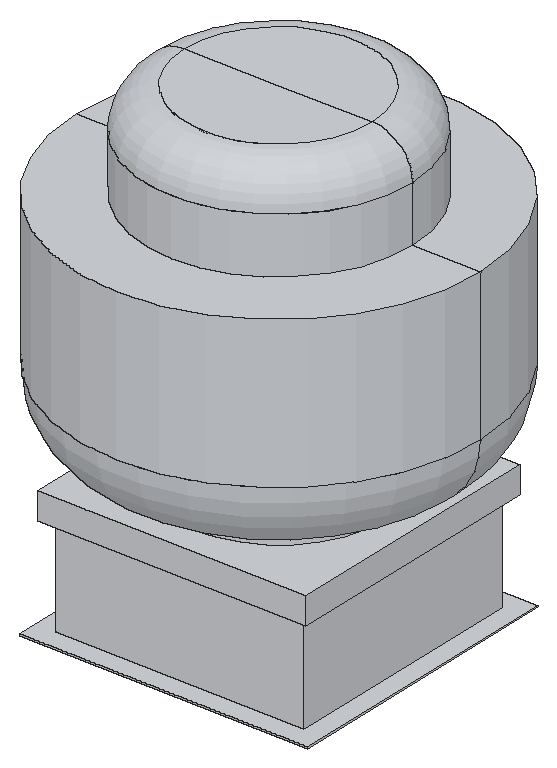
Revit family "ACRU-B", category Mechanical Equipment, Revit 2019
Family settings
  Round Connector Dimension = Use Diameter
  Part Type = Normal
  Work Plane-Based = No
  Always vertical = Yes
  Cut with Voids When Loaded = No
  Shared = No
  Room Calculation Point = No
Parameters (values of type "120_ACRU-B")
  ZERO = 0' - 0"  # constant formula
  WB_RADIUS = 0' - 6"
  Voltage [instance] = 0 V
  Unit Weight [instance] = ""
  URL = "www.lorencook.com"
  Type Comments = "Upblast Centrifugal Exhaust Ventilator Roof Mounted/Belt Drive"  # constant formula
  T_SQ_HALF = T_SQ / 2  # 0' - 10"
  T_SQ = 1' - 8"
  Static Pressure [instance] = 0.00 in-wg
  Sones [instance] = ""
  ROOF_OPENING = T_SQ - 0' 4 1/2"  # 1' - 3 1/2"
  RO/2 = ROOF_OPENING / 2  # 0' - 7 3/4"
  Power [instance] = Voltage * Motor FLA * sqrt(if(Phase = 3, 3, 1))  # 0 VA
  Phase [instance] = 0
  Number of Poles [instance] = 1
  Motor RPM [instance] = ""
  Motor Hp [instance] = ""
  Motor FLA [instance] = 0 A
  Motor Enclosure [instance] = ""
  ModelID [instance] = ""
  Model = "ACRUB"
  Manufacturer = "Loren Cook Company"
  LwA [instance] = ""
  HALF_B_SUB = B_SUB / 2  # 1' - 3 3/32"
  Fan RPM [instance] = ""
  EIGHTH_T_SQ = T_SQ / 10  # 0' - 2"
  EDGE_TO_CURB = (T_SQ - ROOF_OPENING) / 2  # 0' - 2 1/4"
  DEPTH = 0' - 2"
  C_SUB = 2' - 4 1/4"
  CURB_HEIGHT [instance] = 0' - 9 1/2"
  CURB [instance] = yes
  CFM [instance] = 0 CFM
  Brake Hp [instance] = ""
  B_SUB = 2' - 6 3/16"
  INLET_HEIGHT = 0' - 1 13/16"
  Accessories [instance] = ""
  A_SUB = 1' - 7 1/16"
  APLUSG = INLET_HEIGHT + DEPTH  # 0' - 3 13/16"
  2" = 0' - 2"  # constant formula
  1.5" = 0' - 1 1/2"  # constant formula
  ONE EIGTH = 0' - 0 1/8"  # constant formula
Types (39): name | WB_RADIUS | T_SQ_HALF | T_SQ | ROOF_OPENING | RO/2 | Motor Hp | Model | Manufacturer | HALF_B_SUB | EIGHTH_T_SQ | DEPTH | C_SUB | B_SUB | INLET_HEIGHT | A_SUB | APLUSG
  (no name) | 0' - 6" | 0' - 10" | 1' - 8" | 1' - 3 1/2" | 0' - 7 3/4" | "" | "ACRUB" | "Loren Cook Company" | 1' - 3 3/32" | 0' - 2" | 0' - 2" | 2' - 4 1/4" | 2' - 6 3/16" | 0' - 1 13/16" | 1' - 7 1/16" | 0' - 3 13/16"
  100_ACRU-B | 0' - 4" | 0' - 9" | 1' - 6" | 1' - 1 1/2" | 0' - 6 3/4" | "0" | "ACRUB" | "Loren Cook Company" | 1' - 0 5/8" | 0' - 1.8" | 0' - 2" | 1' - 8 3/16" | 2' - 1 1/4" | 0' - 2 7/8" | 1' - 0 1/2" | 0' - 4 7/8"
  120_ACRU-B | 0' - 6" | 0' - 10" | 1' - 8" | 1' - 3 1/2" | 0' - 7 3/4" | "" | "ACRUB" | "Loren Cook Company" | 1' - 3 3/32" | 0' - 2" | 0' - 2" | 2' - 4 1/4" | 2' - 6 3/16" | 0' - 1 13/16" | 1' - 7 1/16" | 0' - 3 13/16"
  135_ACRU-B | 0' - 6" | 0' - 10" | 1' - 8" | 1' - 3 1/2" | 0' - 7 3/4" | "" | "ACRUB" | "Loren Cook Company" | 1' - 3 3/32" | 0' - 2" | 0' - 2" | 2' - 4 5/8" | 2' - 6 3/16" | 0' - 2 3/16" | 1' - 7 1/16" | 0' - 4 3/16"
  150_ACRU-B | 0' - 6" | 1' - 0" | 2' - 0" | 1' - 7 1/2" | 0' - 9 3/4" | "" | "ACRUB" | "Loren Cook Company" | 1' - 5 11/32" | 0' - 2.4" | 0' - 2" | 2' - 6 1/4" | 2' - 10 11/16" | 0' - 3 1/16" | 1' - 8 15/16" | 0' - 5 1/16"
  165_ACRU-B | 0' - 6" | 1' - 0" | 2' - 0" | 1' - 7 1/2" | 0' - 9 3/4" | "" | "ACRUB" | "Loren Cook Company" | 1' - 5 11/32" | 0' - 2.4" | 0' - 2" | 2' - 6 3/4" | 2' - 10 11/16" | 0' - 3 9/16" | 1' - 8 15/16" | 0' - 5 9/16"
  180_ACRU-B | 0' - 6" | 1' - 3" | 2' - 6" | 2' - 1 1/2" | 1' - 0 3/4" | "" | "ACRUB\r\nACRUB" | "Loren Cook Company" | 1' - 7 23/32" | 0' - 3" | 0' - 3" | 2' - 11 7/8" | 3' - 3 7/16" | 0' - 3 15/16" | 2' - 0 13/16" | 0' - 6 15/16"
  195_ACRU-B | 0' - 7" | 1' - 3" | 2' - 6" | 2' - 1 1/2" | 1' - 0 3/4" | "" | "ACRUB" | "Loren Cook Company" | 1' - 7 23/32" | 0' - 3" | 0' - 3" | 3' - 0 3/8" | 3' - 3 7/16" | 0' - 4 7/16" | 2' - 0 13/16" | 0' - 7 7/16"
  210_ACRU-B | 0' - 8" | 1' - 3" | 2' - 6" | 2' - 1 1/2" | 1' - 0 3/4" | "" | "ACRUB" | "Loren Cook Company" | 1' - 10 5/8" | 0' - 3" | 0' - 3" | 3' - 2 3/8" | 3' - 9 1/4" | 0' - 4 3/4" | 2' - 1 15/16" | 0' - 7 3/4"
  225_ACRU-B | 0' - 9" | 1' - 3" | 2' - 6" | 2' - 1 1/2" | 1' - 0 3/4" | "" | "ACRUB" | "Loren Cook Company\r\nLoren Cook Company" | 1' - 10 5/8" | 0' - 3" | 0' - 3" | 3' - 2 1/8" | 3' - 9 1/4" | 0' - 4 7/8" | 2' - 1 15/16" | 0' - 7 7/8"
  245_ACRU-B | 0' - 9" | 1' - 3" | 2' - 6" | 2' - 1 1/2" | 1' - 0 3/4" | "" | "ACRUB" | "Loren Cook Company" | 2' - 0 5/8" | 0' - 3" | 0' - 3" | 3' - 5 1/16" | 4' - 1 1/4" | 0' - 6 1/8" | 2' - 4 1/2" | 0' - 9 1/8"
  270_ACRU-B | 0' - 9" | 1' - 6" | 3' - 0" | 2' - 7 1/2" | 1' - 3 3/4" | "" | "ACRUB" | "Loren Cook Company" | 2' - 0 5/8" | 0' - 3.6" | 0' - 3" | 3' - 5 1/16" | 4' - 1 1/4" | 0' - 6 1/8" | 2' - 4 1/2" | 0' - 9 1/8"
  300_ACRU-B | 0' - 10" | 1' - 6" | 3' - 0" | 2' - 7 1/2" | 1' - 3 3/4" | "" | "ACRUB" | "Loren Cook Company" | 2' - 3 1/8" | 0' - 3.6" | 0' - 3" | 4' - 1 15/16" | 4' - 6 1/4" | 0' - 7 1/16" | 2' - 9 7/8" | 0' - 10 1/16"
  330_ACRU-B | 0' - 10" | 1' - 9" | 3' - 6" | 3' - 1 1/2" | 1' - 6 3/4" | "" | "ACRUB" | "Loren Cook Company" | 2' - 3 1/8" | 0' - 4.2" | 0' - 3" | 4' - 2 7/16" | 4' - 6 1/4" | 0' - 7 5/16" | 2' - 10 1/8" | 0' - 10 5/16"
  365_ACRU-B | 1' - 0" | 1' - 9" | 3' - 6" | 3' - 1 1/2" | 1' - 6 3/4" | "" | "ACRUB" | "Loren Cook Company" | 2' - 8 1/8" | 0' - 4.2" | 0' - 3" | 4' - 4 7/16" | 5' - 4 1/4" | 0' - 8 1/16" | 3' - 0 3/8" | 0' - 11 1/16"
  402_ACRU-B | 1' - 0" | 2' - 0" | 4' - 0" | 3' - 7 1/2" | 1' - 9 3/4" | "" | "ACRUB" | "Loren Cook Company" | 2' - 8 1/8" | 0' - 4.8" | 0' - 3" | 4' - 6 11/16" | 5' - 4 1/4" | 0' - 10 1/16" | 3' - 1 7/8" | 1' - 1 1/16"
  445_ACRU-B | 1' - 0" | 2' - 3" | 4' - 6" | 4' - 1 1/2" | 2' - 0 3/4" | "" | "ACRUB" | "Loren Cook Company" | 3' - 2 1/8" | 0' - 5.4" | 0' - 3" | 4' - 9 3/16" | 6' - 4 1/4" | 0' - 9 3/4" | 3' - 6 7/8" | 1' - 0 3/4"
  490_ACRU-B | 1' - 0" | 2' - 3" | 4' - 6" | 4' - 1 1/2" | 2' - 0 3/4" | "" | "ACRUB" | "Loren Cook Company" | 3' - 2 1/8" | 0' - 5.4" | 0' - 3" | 4' - 10 1/16" | 6' - 4 1/4" | 0' - 11 1/2" | 3' - 8 5/8" | 1' - 2 1/2"
  150_ACRU-HP | 0' - 6" | 1' - 0" | 2' - 0" | 1' - 7 1/2" | 0' - 9 3/4" | "" | "ACRU-HP" | "Loren Cook Company" | 1' - 5 11/32" | 0' - 2.4" | 0' - 2" | 2' - 3 1/2" | 2' - 10 11/16" | 0' - 3 1/16" | 1' - 8 15/16" | 0' - 5 1/16"
  165_ACRU-HP | 0' - 6" | 1' - 0" | 2' - 0" | 1' - 7 1/2" | 0' - 9 3/4" | "" | "ACRU-HP" | "Loren Cook Company" | 1' - 5 11/32" | 0' - 2.4" | 0' - 2" | 2' - 3 3/4" | 2' - 10 11/16" | 0' - 3 9/16" | 1' - 8 15/16" | 0' - 5 9/16"
  180_ACRU-HP | 0' - 6" | 1' - 3" | 2' - 6" | 2' - 1 1/2" | 1' - 0 3/4" | "" | "ACRU-HP" | "Loren Cook Company" | 1' - 7 23/32" | 0' - 3" | 0' - 3" | 2' - 9 3/8" | 3' - 3 7/16" | 0' - 3 15/16" | 2' - 0 13/16" | 0' - 6 15/16"
  195_ACRU-HP | 0' - 7" | 1' - 3" | 2' - 6" | 2' - 1 1/2" | 1' - 0 3/4" | "" | "ACRU-HP" | "Loren Cook Company" | 1' - 7 23/32" | 0' - 3" | 0' - 3" | 2' - 9 1/2" | 3' - 3 7/16" | 0' - 4 7/16" | 2' - 0 13/16" | 0' - 7 7/16"
  210_ACRU-HP | 0' - 8" | 1' - 3" | 2' - 6" | 2' - 1 1/2" | 1' - 0 3/4" | "" | "ACRU-HP" | "Loren Cook Company" | 1' - 10 5/8" | 0' - 3" | 0' - 3" | 2' - 11 3/8" | 3' - 9 1/4" | 0' - 4 3/4" | 2' - 1 15/16" | 0' - 7 3/4"
  225_ACRU-HP | 0' - 9" | 1' - 3" | 2' - 6" | 2' - 1 1/2" | 1' - 0 3/4" | "" | "ACRU-HP" | "Loren Cook Company\r\nLoren Cook Company" | 1' - 10 5/8" | 0' - 3" | 0' - 3" | 2' - 11 1/2" | 3' - 9 1/4" | 0' - 4 7/8" | 2' - 1 15/16" | 0' - 7 7/8"
  245_ACRU-HP | 0' - 9" | 1' - 3" | 2' - 6" | 2' - 1 1/2" | 1' - 0 3/4" | "" | "ACRU-HP" | "Loren Cook Company" | 2' - 0 5/8" | 0' - 3" | 0' - 3" | 3' - 1 5/16" | 4' - 1 1/4" | 0' - 6 1/8" | 2' - 4 1/2" | 0' - 9 1/8"
  270_ACRU-HP | 0' - 9" | 1' - 6" | 3' - 0" | 2' - 7 1/2" | 1' - 3 3/4" | "" | "ACRU-HP" | "Loren Cook Company" | 2' - 0 5/8" | 0' - 3.6" | 0' - 3" | 37' - 3 3/4" | 4' - 1 1/4" | 0' - 6 1/8" | 2' - 4 1/2" | 0' - 9 1/8"
  300_ACRU-HP | 0' - 10" | 1' - 6" | 3' - 0" | 2' - 7 1/2" | 1' - 3 3/4" | "" | "ACRU-HP" | "Loren Cook Company" | 2' - 3 1/8" | 0' - 3.6" | 0' - 3" | 3' - 9 15/16" | 4' - 6 1/4" | 0' - 7 1/16" | 2' - 9 7/8" | 0' - 10 1/16"
  330_ACRU-HP | 0' - 10" | 1' - 9" | 3' - 6" | 3' - 1 1/2" | 1' - 6 3/4" | "" | "ACRU-HP" | "Loren Cook Company" | 2' - 3 1/8" | 0' - 4.2" | 0' - 3" | 3' - 10 11/16" | 4' - 6 1/4" | 0' - 7 5/16" | 2' - 10 1/8" | 0' - 10 5/16"
  365_ACRU-HP | 1' - 0" | 1' - 9" | 3' - 6" | 3' - 1 1/2" | 1' - 6 3/4" | "" | "ACRU-HP" | "Loren Cook Company" | 2' - 8 1/8" | 0' - 4.2" | 0' - 3" | 4' - 0 7/16" | 5' - 4 1/4" | 0' - 8 1/16" | 3' - 0 3/8" | 0' - 11 1/16"
  165_ACRU-XP | 0' - 6" | 1' - 0" | 2' - 0" | 1' - 7 1/2" | 0' - 9 3/4" | "" | "ACRU-XP" | "Loren Cook Company" | 1' - 5 11/32" | 0' - 2.4" | 0' - 2" | 2' - 2 11/16" | 2' - 10 11/16" | 0' - 3 9/16" | 1' - 8 15/16" | 0' - 5 9/16"
  180_ACRU-XP | 0' - 6" | 1' - 3" | 2' - 6" | 2' - 1 1/2" | 1' - 0 3/4" | "" | "ACRU-XP" | "Loren Cook Company" | 1' - 7 23/32" | 0' - 3" | 0' - 3" | 2' - 7 9/16" | 3' - 3 7/16" | 0' - 3 15/16" | 2' - 0 13/16" | 0' - 6 15/16"
  195_ACRU-XP | 0' - 7" | 1' - 3" | 2' - 6" | 2' - 1 1/2" | 1' - 0 3/4" | "" | "ACRU-XP" | "Loren Cook Company" | 1' - 7 23/32" | 0' - 3" | 0' - 3" | 2' - 8 1/8" | 3' - 3 7/16" | 0' - 4 7/16" | 2' - 0 13/16" | 0' - 7 7/16"
  210_ACRU-XP | 0' - 8" | 1' - 3" | 2' - 6" | 2' - 1 1/2" | 1' - 0 3/4" | "" | "ACRU-XP" | "Loren Cook Company" | 1' - 10 5/8" | 0' - 3" | 0' - 3" | 2' - 8 3/4" | 3' - 9 1/4" | 0' - 4 3/4" | 2' - 1 15/16" | 0' - 7 3/4"
  225_ACRU-XP | 0' - 9" | 1' - 3" | 2' - 6" | 2' - 1 1/2" | 1' - 0 3/4" | "" | "ACRU-XP" | "Loren Cook Company\r\nLoren Cook Company" | 1' - 10 5/8" | 0' - 3" | 0' - 3" | 2' - 9 5/16" | 3' - 9 1/4" | 0' - 4 7/8" | 2' - 1 15/16" | 0' - 7 7/8"
  245_ACRU-XP | 0' - 9" | 1' - 3" | 2' - 6" | 2' - 1 1/2" | 1' - 0 3/4" | "" | "ACRU-XP" | "Loren Cook Company" | 2' - 0 5/8" | 0' - 3" | 0' - 3" | 34' - 0 3/4" | 4' - 1 1/4" | 0' - 6 1/8" | 2' - 4 1/2" | 0' - 9 1/8"
  270_ACRU-XP | 0' - 9" | 1' - 6" | 3' - 0" | 2' - 7 1/2" | 1' - 3 3/4" | "" | "ACRU-XP" | "Loren Cook Company" | 2' - 0 5/8" | 0' - 3.6" | 0' - 3" | 35' - 0" | 4' - 1 1/4" | 0' - 6 1/8" | 2' - 4 1/2" | 0' - 9 1/8"
  300_ACRU-XP | 0' - 10" | 1' - 6" | 3' - 0" | 2' - 7 1/2" | 1' - 3 3/4" | "" | "ACRU-XP" | "Loren Cook Company" | 2' - 3 1/8" | 0' - 3.6" | 0' - 3" | 3' - 5 7/16" | 4' - 6 1/4" | 0' - 7 1/16" | 2' - 9 7/8" | 0' - 10 1/16"
  330_ACRU-XP | 0' - 10" | 1' - 9" | 3' - 6" | 3' - 1 1/2" | 1' - 6 3/4" | "" | "ACRU-XP" | "Loren Cook Company" | 2' - 3 1/8" | 0' - 4.2" | 0' - 3" | 3' - 7 1/8" | 4' - 6 1/4" | 0' - 7 5/16" | 2' - 10 1/8" | 0' - 10 5/16"
  365_ACRU-XP | 1' - 0" | 1' - 9" | 3' - 6" | 3' - 1 1/2" | 1' - 6 3/4" | "" | "ACRU-XP" | "Loren Cook Company" | 2' - 8 1/8" | 0' - 4.2" | 0' - 3" | 3' - 8 1/4" | 5' - 4 1/4" | 0' - 8 1/16" | 3' - 0 3/8" | 0' - 11 1/16"
Reference planes (in)
  plane 1 "Center (Front/Back)": y = 0
  plane 2: z = 0
  plane 3 "Center (Left/Right)": x = 0
Forms (in)
  Extrusion 1, solid
    sketch origin (0, 0, 0) x (1, 0, 0) y (0, 1, 0)
      loop
        line (-10, 10) -> (-10, -10) -> (10, -10) -> (10, 10) -> (-10, 10)
    from 0 to 2
  Revolve 2, solid
    sketch origin (0, 0, 0) x (1, 0, 0) y (0, 0, 1)
      loop
        line (0, 2) -> (8, 2) -> (8, 3.8125) -> (0, 3.8125) -> (0, 2)
      axis (0, 3.8125) -> (0, 2)
    angle from 0 to 360
  Revolve 3, solid
    sketch origin (0, 0, 0) x (1, 0, 0) y (0, 0, 1)
      loop
        line (0, 3.8125) -> (9.09375, 3.8125)
        arc (9.09375, 3.8125) -> (13.33639, 5.56986) -> (15.09375, 9.8125) r 6
        line (15.09375, 9.8125) -> (15.09375, 21.0625) -> (0, 21.0625) -> (0, 3.8125)
      axis (0, 3.8125) -> (0, 21.0625)
    angle from 0 to 360
  Revolve 4, solid
    sketch origin (0, 0, 0) x (1, 0, 0) y (0, 0, 1)
      loop
        line (0, 21.0625) -> (10, 21.0625) -> (10, 25.25)
        arc (10, 25.25) -> (9.12132, 27.37132) -> (7, 28.25) r 3
        line (7, 28.25) -> (0, 28.25) -> (0, 21.0625)
      axis (0, 21.0625) -> (0, 28.25)
    angle from 0 to 360
  Extrusion 5, solid
    sketch origin (0, 0, 0) x (1, 0, 0) y (0, 1, 0)
      loop
        line (-7.75, -7.75) -> (-5.75, -7.75) -> (-5.75, -5.75) -> (-7.75, -5.75) -> (-7.75, -7.75)
    from 3 to 5
  Extrusion 6, void
    sketch origin (0, 0, 0) x (1, 0, 0) y (0, 1, 0)
      loop
        line (-9.875, -9.875) -> (9.875, -9.875) -> (9.875, 9.875) -> (-9.875, 9.875) -> (-9.875, -9.875)
    from 0 to 1.875
  Extrusion 7, solid, visible <- "CURB"
    sketch origin (0, 0, 1.875) x (0, 1, 0) y (1, 0, 0)
      loop
        line (7.75, -7.75) -> (7.75, 7.75) -> (-7.75, 7.75) -> (-7.75, -7.75) -> (7.75, -7.75)
      loop
        line (9.25, -9.25) -> (9.25, 9.25) -> (-9.25, 9.25) -> (-9.25, -9.25) -> (9.25, -9.25)
    from 0 to 9.5 <- "CURB_HEIGHT"
  Extrusion 8, solid, visible <- "CURB"
    sketch origin (0, 0, -7.625) x (-1, 0, 0) y (0, 1, 0)
      loop
        line (-10.75, -10.75) -> (10.75, -10.75) -> (10.75, 10.75) -> (-10.75, 10.75) -> (-10.75, -10.75)
      loop
        line (9.25, 9.25) -> (-9.25, 9.25) -> (-9.25, -9.25) -> (9.25, -9.25) -> (9.25, 9.25)
    from 0 to -0.125
Cuts and joins
  Extrusion 6 cuts Extrusion 1
Dimensions and locks (in)
  "T_SQ": Extrusion 1 sketch curve to Extrusion 1 sketch curve  (x2)
  "DEPTH": Extrusion 1 to Extrusion 1
  "T_SQ": Extrusion 1 to Extrusion 1  (x2)
  "EIGHTH_T_SQ": Extrusion 1 to Revolve 2 sketch curve
  "INLET_HEIGHT": Revolve 2 sketch curve to Extrusion 1
  Revolve 2 sketch curve to Extrusion 1 = 0' - 0"
  "T_SQ_HALF": Revolve 2 sketch curve to Extrusion 1  (x2)
  "T_SQ_HALF": Extrusion 1 sketch curve to plane 3 "Center (Left/Right)"
  "T_SQ_HALF": plane 1 "Center (Front/Back)" to Extrusion 1 sketch curve
  "HALF_B_SUB": Revolve 3 sketch curve to Revolve 3 sketch curve
  "A_SUB": Revolve 3 sketch curve to Extrusion 1
  Revolve 2 to Revolve 3 sketch curve = 0' - 0"
  Revolve 3 sketch curve to plane 3 "Center (Left/Right)" = 0' - 0"
  "A_SUB": Revolve 4 sketch curve to Extrusion 1
  "C_SUB": Revolve 4 sketch curve to Extrusion 1
  Revolve 4 sketch curve to plane 3 "Center (Left/Right)" = 0' - 0"
  Extrusion 1 to Revolve 4 sketch curve = 0' - 0"
  "EDGE_TO_CURB": Extrusion 1 to Extrusion 5 sketch curve  (x2)
  "ONE EIGTH": Extrusion 1 to Extrusion 6 sketch curve  (x3)
  "ONE EIGTH": Extrusion 6 sketch curve to Extrusion 1
  "RO/2": plane 1 "Center (Front/Back)" to Extrusion 7 sketch curve
  "RO/2": Extrusion 7 sketch curve to plane 1 "Center (Front/Back)"
  "RO/2": Extrusion 7 sketch curve to plane 3 "Center (Left/Right)"
  "RO/2": plane 3 "Center (Left/Right)" to Extrusion 7 sketch curve
  "1.5"": Extrusion 7 sketch curve to Extrusion 7 sketch curve  (x4)
  "1.5"": Extrusion 8 sketch curve to Extrusion 8 sketch curve  (x4)
  "ZERO": Extrusion 7 to Extrusion 8 sketch curve  (x2)
  "ZERO": Extrusion 8 sketch curve to Extrusion 7  (x2)
  radius of Revolve 4 sketch curve = 0' - 3"
  "WB_RADIUS": radius of Revolve 3 sketch curve
Automatic sketch dimensions
  Revolve 2 sketch curve to Revolve 2 sketch curve = 0' - 0"  (x2)
  Revolve 3 sketch curve to plane 3 "Center (Left/Right)" = 0' - 0"
  Revolve 3 sketch curve to Revolve 3 sketch curve = 0' - 0"  (x2)
  Revolve 4 sketch curve to plane 3 "Center (Left/Right)" = 0' - 0"
  Revolve 4 sketch curve to Revolve 4 sketch curve = 0' - 0"  (x2)
  Extrusion 5 sketch curve to Extrusion 5 sketch curve = 0' - 2"  (x2)
Connectors (in)
  electrical at (-6.75, -6.75, 3)
    settings: on Extrusion 5, index 2, voltage 0 V, apparent load 0 VA, apparent load phase1 0 VA, apparent load phase2 0 VA, apparent load phase3 0 VA, power factor 1, load classification "Other", number of poles 1, system type 30, power factor state 1, is connector primary yes, connector utility no, sub classification motor no, connector description ""
  hvac at (0, 0, 2), driven by "CFM", driven by "ROOF_OPENING", driven by "ROOF_OPENING"
    settings: on cut or joined group of Extrusion 1, Extrusion 6, index 3, duct flow 0 CFM, flow factor 0, pres drop 0.00 in-wg, loss coef 0, conn angle 0.00°, conn width 15 1/2", conn height 15 1/2", conn diameter 24", duct sys type 3, conn prof type 1, flow config 0, flow direction 2, loss method 0, conn ref index -1, conn util no, is conn primary yes, conn desc ""
